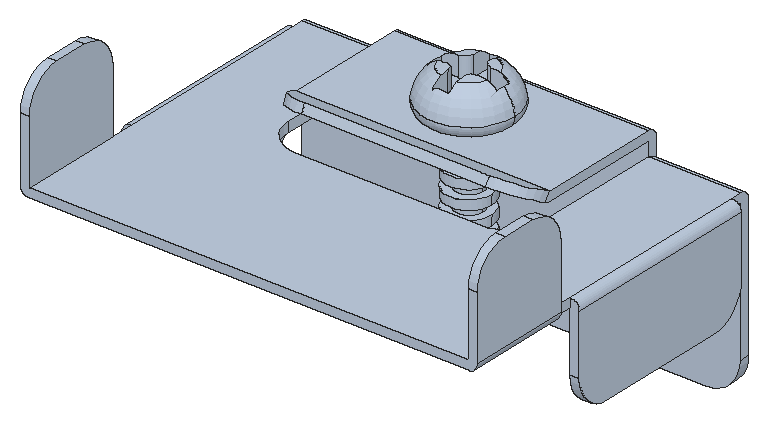
Revit family "MWE38", category 機械設備, Revit 2020
Family settings
  丸型コネクタ寸法 = 直径を使用
  パーツ タイプ = 標準
  OmniClass 番号 = 23.75.00.00
  OmniClass タイトル = Climate Control (HVAC)
  作業面ベース = いいえ
  常に垂直 = はい
  ロード時にボイドで切り取り = いいえ
  共有 = いいえ
  部屋計算ポイント = いいえ
Parameters
  ﾋﾞｽ ﾏﾃﾘｱﾙ = 電気亜鉛メッキ
  ﾋﾞｽ = yes
  製造元 = "株式会社サンユー"
  既定の高さ = 0 mm
  URL = "http://www.3you.co.jp"
  MWｴﾝﾄﾞﾛｯｸ38 ﾏﾃﾘｱﾙ = 溶融亜鉛メッキ
Reference planes
  plane 1 "中心(正面/背面)": y = 0
  plane 2: z = 0
  plane 3 "中心(左/右)": x = 0
  plane 4: y = 0.8
  plane 5: through (0, -13.547, 3.437) normal (0, -0.4384, -0.8988)
  plane 6: through (0, -13.583, 2.565) normal (0, -0.4384, -0.8988)
  plane 7: through (0, -13.348, 3.666) normal (0, -0.8988, 0.4384)
  plane 8: through (4267.2, -11.1, 0.975) normal (0, -0.8988, 0.4384)
Forms (mm)
  Extrusion 1, solid, material "溶融亜鉛メッキ" <- "MWｴﾝﾄﾞﾛｯｸ38 ﾏﾃﾘｱﾙ"
    sketch origin (0, 0, 0) x (1, 0, 0) y (0, 0, 1)
      loop
        line (-19, 0) -> (-19, -13)
        arc (-19, -13) -> (-18.121, -15.121) -> (-16, -16) r 3
        line (-16, -16) -> (16, -16)
        arc (16, -16) -> (18.121, -15.121) -> (19, -13) r 3
        line (19, -13) -> (19, 0) -> (11, 0) -> (11, 2) -> (-11, 2) -> (-11, 0) -> (-19, 0)
    from 0 to -0.8
  Extrusion 2, solid, material "溶融亜鉛メッキ" <- "MWｴﾝﾄﾞﾛｯｸ38 ﾏﾃﾘｱﾙ"
    sketch origin (0, 0, 0) x (1, 0, 0) y (0, 1, 0)
      loop
        line (-11, 0) -> (-19, 0) -> (-19, -1) -> (-19.8, -1) -> (-19.8, -18.5) -> (-19, -18.5) -> (-19, -20.5) -> (-19.8, -20.5) -> (-19.8, -29.5) -> (19.8, -29.5) -> (19.8, -20.5) -> (19, -20.5) -> (19, -18.5) -> (19.8, -18.5) -> (19.8, -1) -> (19, -1) -> (19, 0) -> (11, 0) -> (11, -11.5)
        arc (11, -11.5) -> (10.121, -13.621) -> (8, -14.5) r 3
        line (8, -14.5) -> (-8, -14.5)
        arc (-8, -14.5) -> (-10.121, -13.621) -> (-11, -11.5) r 3
        line (-11, -11.5) -> (-11, 0)
    from 0 to -0.8
  Extrusion 3, solid, material "溶融亜鉛メッキ" <- "MWｴﾝﾄﾞﾛｯｸ38 ﾏﾃﾘｱﾙ"
    sketch origin (0, 0, 0) x (0, 1, 0) y (0, 0, 1)
      loop
        line (-29.5, 0) -> (-20.5, 0) -> (-20.5, 5.5)
        arc (-20.5, 5.5) -> (-21.379, 7.621) -> (-23.5, 8.5) r 3
        line (-23.5, 8.5) -> (-26.5, 8.5)
        arc (-26.5, 8.5) -> (-28.621, 7.621) -> (-29.5, 5.5) r 3
        line (-29.5, 5.5) -> (-29.5, 0)
      loop
        line (-18.5, -0.8) -> (-18.5, -6)
        arc (-18.5, -6) -> (-17.621, -8.121) -> (-15.5, -9) r 3
        line (-15.5, -9) -> (-4, -9)
        arc (-4, -9) -> (-1.879, -8.121) -> (-1, -6) r 3
        line (-1, -6) -> (-1, -0.8) -> (-18.5, -0.8)
    from 19 to 19.8
  Extrusion 4, solid, material "溶融亜鉛メッキ" <- "MWｴﾝﾄﾞﾛｯｸ38 ﾏﾃﾘｱﾙ"
    sketch origin (0, 0, 0) x (0, 1, 0) y (0, 0, -1)
      loop
        line (-29.5, 0) -> (-29.5, -5.5)
        arc (-29.5, -5.5) -> (-28.621, -7.621) -> (-26.5, -8.5) r 3
        line (-26.5, -8.5) -> (-23.5, -8.5)
        arc (-23.5, -8.5) -> (-21.379, -7.621) -> (-20.5, -5.5) r 3
        line (-20.5, -5.5) -> (-20.5, 0) -> (-29.5, 0)
      loop
        line (-18.5, 0.8) -> (-1, 0.8) -> (-1, 6)
        arc (-1, 6) -> (-1.879, 8.121) -> (-4, 9) r 3
        line (-4, 9) -> (-15.5, 9)
        arc (-15.5, 9) -> (-17.621, 8.121) -> (-18.5, 6) r 3
        line (-18.5, 6) -> (-18.5, 0.8)
    from 19 to 19.8
  Extrusion 5, void
    sketch origin (0, 0, 0) x (1, 0, 0) y (0, 0, 1)
      loop
        line (-19, 0) -> (-19.8, 0) -> (-19.8, -0.8)
        arc (-19.8, -0.8) -> (-19.566, -0.234) -> (-19, 0) r 0.8
      loop
        arc (19, 0) -> (19.566, -0.234) -> (19.8, -0.8) r 0.8
        line (19.8, -0.8) -> (19.8, 0) -> (19, 0)
    from 1 to 18.5
  Extrusion 6, void
    sketch origin (0, 0, 0) x (1, 0, 0) y (0, 0, 1)
      loop
        arc (-19, -0.8) -> (-19.566, -0.566) -> (-19.8, 0) r 0.8
        line (-19.8, 0) -> (-19.8, -0.8) -> (-19, -0.8)
      loop
        line (19, -0.8) -> (19.8, -0.8) -> (19.8, 0)
        arc (19.8, 0) -> (19.566, -0.566) -> (19, -0.8) r 0.8
    from 20.5 to 29.5
  Extrusion 7, void
    sketch origin (0, 0, 0) x (0, 1, 0) y (0, 0, 1)
      loop
        line (0.8, -0.8) -> (0.8, 0) -> (0, 0)
        arc (0, 0) -> (0.566, -0.234) -> (0.8, -0.8) r 0.8
    from 11 to 19
  Extrusion 8, void
    sketch origin (0, 0, 0) x (0, 1, 0) y (0, 0, 1)
      loop
        arc (0, 0) -> (0.566, -0.234) -> (0.8, -0.8) r 0.8
        line (0.8, -0.8) -> (0.8, 0) -> (0, 0)
    from -11 to -19
  Extrusion 9, void
    sketch origin (0, 0, 0) x (0, 1, 0) y (0, 0, 1)
      loop
        line (0.8, 1.2) -> (0.8, 2) -> (0, 2)
        arc (0, 2) -> (0.566, 1.766) -> (0.8, 1.2) r 0.8
    from -11 to 11
  Extrusion 10, solid, material "溶融亜鉛メッキ" <- "MWｴﾝﾄﾞﾛｯｸ38 ﾏﾃﾘｱﾙ"
    sketch origin (0, 0, 0) x (0, 1, 0) y (0, 0, 1)
      loop
        line (0, 2) -> (-10.6, 2) -> (-13.476, 3.403) -> (-13.827, 2.684) -> (-10.785, 1.2) -> (0, 1.2) -> (0, 2)
    from -11 to 11
  Extrusion 11, void
    sketch origin (0, -13.296, 3.315) x (0, -0.898794, 0.438371) y (-1, 0, 0)
      loop
        line (0.2, -11) -> (0.2, -8)
        arc (0.2, -8) -> (-0.679, -10.121) -> (-2.8, -11) r 3
        line (-2.8, -11) -> (0.2, -11)
      loop
        line (0.2, 11) -> (-2.8, 11)
        arc (-2.8, 11) -> (-0.679, 10.121) -> (0.2, 8) r 3
        line (0.2, 8) -> (0.2, 11)
    from 0 to 0.8
  Extrusion 12, void
    sketch origin (0, 0, 0) x (1, 0, 0) y (0, 1, 0)
      loop
        circle (0, -5.7) r 2
    from 1 to 2
Cuts and joins
  Extrusion 7, Extrusion 8, Extrusion 9 cuts Extrusion 1
  Extrusion 5, Extrusion 6, Extrusion 11 cuts Extrusion 2
  Extrusion 11, Extrusion 12 cuts Extrusion 10
  joined: Extrusion 1, Extrusion 2, Extrusion 3, Extrusion 4, Extrusion 10
Dimensions and locks
  aligned and locked: level to plane 2
Nested families
  nested 1: "ﾅﾍﾞﾋﾞｽ" at (0, -5.7, 2), visible <- "ﾋﾞｽ", ﾋﾞｽ　ﾏﾃﾘｱﾙ <- "ﾋﾞｽ ﾏﾃﾘｱﾙ", type "4x13"
    with ﾋﾞｽ　ﾏﾃﾘｱﾙ 電気亜鉛メッキ
Definition of nested family "ﾅﾍﾞﾋﾞｽ"
  Parameters (values of type "4x13")
    ﾋﾞｽ　ﾏﾃﾘｱﾙ [instance] = none
    ﾋﾞｽ 表示 = yes
    頭 = 4 mm
    Default Elevation = 0 mm
    ねじ山 = L / 1.6 mm - 1  # 6
    Rビス = 1.2 mm
    L = 11.5 mm
  Types (5, lengths in mm): name | 頭 | ねじ山 | Rビス | L
    4x13 | 4 | 6 | 1.2 | 11.5
    4x16 | 4 | 8 | 1.2 | 14.5
    5x16 | 4.5 | 8 | 1.7 | 14.5
    5x19 | 4.5 | 10 | 1.7 | 17.5
    5x30 | 4.5 | 17 | 1.7 | 28.5
  Reference planes
    plane 1 "中心(正面/背面)": y = 0
    plane 2: z = 0
    plane 3 "中心(左/右)": x = 0
    plane 4: z = -11.5
    plane 5: x = -4
    plane 6: y = 0
    plane 7: z = -0.8
    plane 8: x = -3
    plane 9: y = 3
    plane 10: y = -3
    plane 11: x = 3
    plane 12: x = -1
    plane 13: x = -0.69
    plane 14: x = 0.69
    plane 15: y = -0.69
    plane 16: y = 0.69
    plane 17: y = 1
    plane 18: x = 1
    plane 19: y = -1
  Forms (mm)
    Revolve 1, solid, material <- "ﾋﾞｽ　ﾏﾃﾘｱﾙ", visible <- "ﾋﾞｽ 表示"
      sketch origin (0, 0, 0) x (1, 0, 0) y (0, 0, -1)
        loop
          line (0, 13) -> (-1.2, 11.5) -> (-1.2, 0) -> (0, 0) -> (0, 13)
        axis (0, 0) -> (0, 13)
      angle from 0 to 360
    Revolve 2, solid, material <- "ﾋﾞｽ　ﾏﾃﾘｱﾙ", visible <- "ﾋﾞｽ 表示"
      sketch origin (0, 0, 1.042) x (1, 0, 0) y (0, 0, -1)
        loop
          line (0, -2.755) -> (0, 1.042) -> (-2.904, 1.042)
          arc (-2.904, 1.042) -> (-3.698, 0.703) -> (-4, -0.106) r 1.097
          arc (-4, -0.106) -> (-3.448, -1.556) -> (-2.283, -2.58) r 3.224
          arc (-2.283, -2.58) -> (-1.144, -2.701) -> (0, -2.755) r 19.822
        axis (0, -2.755) -> (0, 1.042)
      angle from 0 to 360
    Extrusion 3, void
      sketch origin (0, 0, 0) x (1, 0, 0) y (0, 1, 0)
        loop
          line (-3, 0.69) -> (-3, -0.69) -> (-1.38, -0.69)
          arc (-1.38, -0.69) -> (-0.892, -0.892) -> (-0.69, -1.38) r 0.69
          line (-0.69, -1.38) -> (-0.69, -3) -> (0.69, -3) -> (0.69, -1.38)
          arc (0.69, -1.38) -> (0.892, -0.892) -> (1.38, -0.69) r 0.69
          line (1.38, -0.69) -> (3, -0.69) -> (3, 0.69) -> (1.38, 0.69)
          arc (1.38, 0.69) -> (0.892, 0.892) -> (0.69, 1.38) r 0.69
          line (0.69, 1.38) -> (0.69, 3) -> (-0.69, 3) -> (-0.69, 1.38)
          arc (-0.69, 1.38) -> (-0.892, 0.892) -> (-1.38, 0.69) r 0.69
          line (-1.38, 0.69) -> (-3, 0.69)
      from 2 to 5
  Cuts and joins
    Extrusion 3 cuts Revolve 2
    joined: Revolve 1, Revolve 2
  Dimensions and locks
    "頭": plane 5 to plane 3 "中心(左/右)"
    "Rビス": Revolve 1 sketch curve to Revolve 1 sketch curve
    "L": level to plane 4
    locked: plane 2 to plane 7 at 0.8
    equal spacing: group 1, group 2, group 3, group 4, group 5, group 6  (x2)
    equal spacing: group 6, group 5, group 4, group 3, group 2, group 1
    aligned and locked: level to plane 2
    aligned and locked: nested 1 to plane 7
  Automatic sketch dimensions
    Revolve 2 sketch curve to plane 5 = 0 mm  (x2)
    Revolve 2 sketch curve to level = 0 mm  (x2)
    Revolve 2 sketch curve to plane 3 "中心(左/右)" = 0 mm  (x2)
    Revolve 2 sketch curve to plane 3 "中心(左/右)" = 0.8 mm
    plane 3 "中心(左/右)" to Revolve 2 sketch curve = 0.368 mm
    level to Revolve 2 sketch curve = 0.761 mm
    plane 4 to Revolve 2 sketch curve = 4.521 mm
    Revolve 2 sketch curve to Revolve 2 sketch curve = 0 mm
    level to Revolve 2 sketch curve = 1.097 mm
    Revolve 2 sketch curve to Revolve 2 sketch curve = 3.037 mm
    Extrusion 3 sketch curve to plane 8 = 0 mm
    Extrusion 3 sketch curve to plane 14 = 0 mm  (x2)
    plane 10 to Extrusion 3 sketch curve = 0 mm
    Extrusion 3 sketch curve to plane 15 = 0 mm  (x2)
    Extrusion 3 sketch curve to plane 11 = 0 mm
    Extrusion 3 sketch curve to plane 19 = 0.38 mm  (x2)
    Extrusion 3 sketch curve to plane 9 = 0 mm
    Extrusion 3 sketch curve to plane 13 = 0 mm  (x2)
    plane 17 to Extrusion 3 sketch curve = 0.38 mm  (x2)
    Extrusion 3 sketch curve to plane 16 = 0 mm  (x2)
    Revolve 1 sketch curve to plane 4 = 0 mm
    Revolve 1 sketch curve to level = 0 mm  (x2)
    Revolve 1 sketch curve to plane 3 "中心(左/右)" = 0 mm  (x2)
    plane 4 to Revolve 1 sketch curve = 1.5 mm
    Revolve 1 sketch curve to Revolve 1 sketch curve = 0 mm
  Nested families
    nested 1: "ねじ山" at (0, 0, -1.6), visible <- "ﾋﾞｽ 表示", type "ねじ山"
    nested 2: "ねじ山" at (0, 0, -3.2), visible <- "ﾋﾞｽ 表示", type "ねじ山"
    nested 3: "ねじ山" at (0, 0, -4.8), visible <- "ﾋﾞｽ 表示", type "ねじ山"
    nested 4: "ねじ山" at (0, 0, -6.4), visible <- "ﾋﾞｽ 表示", type "ねじ山"
    nested 5: "ねじ山" at (0, 0, -8), visible <- "ﾋﾞｽ 表示", type "ねじ山"
    nested 6: "ねじ山" at (0, 0, -9.6), visible <- "ﾋﾞｽ 表示", type "ねじ山"
  Definition of nested family "ねじ山"
    Parameters (values of type "ねじ山")
      ねじ山　ﾏﾃﾘｱﾙ = none
      Default Elevation = 0 mm
      外半径 = 内半径 + 0.8 mm  # 2.9 mm
      内半径 = 2.1 mm
      ねじ山 表示 = yes
    Reference planes
      plane 1 "中心(正面/背面)": y = 0
      plane 2: z = 0
      plane 3 "中心(左/右)": x = 0
    Forms (mm)
      Extrusion 1, solid, material <- "ねじ山　ﾏﾃﾘｱﾙ", visible <- "ねじ山 表示"
        sketch origin (0, 0, 0) x (1, 0, 0) y (0, 1, 0)
          loop
            circle (0, 0) r 2.1
          loop
            circle (0, 0) r 2.9
        from 0 to 0.8
    Dimensions and locks
      "内半径": radius of Extrusion 1 sketch curve
      "外半径": radius of Extrusion 1 sketch curve
      aligned and locked: level to plane 2
    Automatic sketch dimensions
      Extrusion 1 sketch curve to Extrusion 1 sketch curve = 0 mm  (x2)
      plane 1 "中心(正面/背面)" to Extrusion 1 sketch curve = 0 mm
      Extrusion 1 sketch curve to plane 3 "中心(左/右)" = 0 mm
